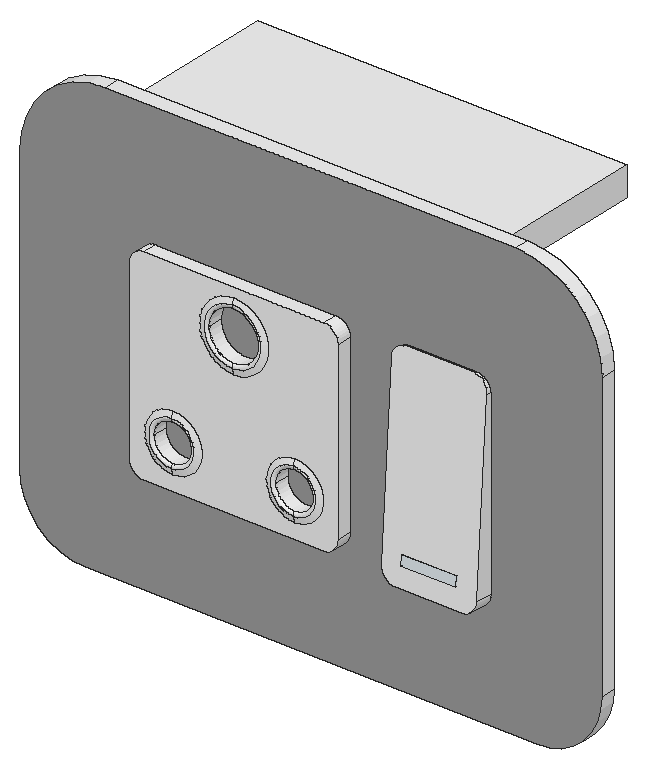
Revit family "EF_Veti-4x2-Single-Power-Point", category Electrical Fixtures, Revit 2016
Family settings
  Maintain Annotation Orientation = No
  Part Type = Normal
  Round Connector Dimension = Use Diameter
  Work Plane-Based = No
  Always vertical = Yes
  Cut with Voids When Loaded = No
  Shared = No
  Room Calculation Point = No
Parameters (values of type "4x2 Single Power Point")
  Voltage_x = 220 V
  URL for TCP = "http://www.tcpbim.co.za"
  URL = "http://www.major-tech.com/15-veti"
  Type Comments = "Plug Point"
  Switch Voltage = Voltage_x  # 220 V
  Plug Point Height [instance] = 450 mm
  Materials [instance] = 0 mm
  Manufacturer = "VETI"
  Made by = "Tolani Civil Projects cc"
  Load = 2860 VA
  Description = "2x4 Single Power Point"
  Amperage = 16 A
Reference planes
  plane 1 "Center (Front/Back)": y = 0
  plane 2: z = 0
  plane 3 "Center (Left/Right)": x = 0
Forms (mm)
  Extrusion 1, solid, material "Plastic White"
    sketch origin (-181.105, 75, 5) x (1, 0, 0) y (0, 0, 1)
      loop
        arc (110.717, 595) -> (89.775, 586.325) -> (81.1, 565.383) r 29.617
        line (81.1, 565.383) -> (81.1, 467.5)
        arc (81.1, 467.5) -> (87.69, 451.59) -> (103.6, 445) r 22.5
        line (103.6, 445) -> (258.605, 445)
        arc (258.605, 445) -> (274.515, 451.59) -> (281.105, 467.5) r 22.5
        line (281.105, 467.5) -> (281.105, 565.383)
        arc (281.105, 565.383) -> (272.431, 586.325) -> (251.488, 595) r 29.617
        line (251.488, 595) -> (110.717, 595)
    from 75 to 80
  Extrusion 2, solid, material "Plastic White"
    sketch origin (-181.105, 0, 5) x (-1, 0, 0) y (0, 0, 1)
      loop
        line (-244.439, 593.405) -> (-244.439, 583.405) -> (-117.767, 583.405) -> (-117.767, 593.405) -> (-244.439, 593.405)
    from 0 to 51.204
Cuts and joins
  joined: Extrusion 1, Extrusion 2
Dimensions and locks
  Extrusion 1 sketch curve to Extrusion 1 sketch curve = 150 mm
  Extrusion 2 sketch curve to Extrusion 2 sketch curve to Extrusion 1 = 10 mm, 1.595 mm
  Extrusion 2 sketch curve to Extrusion 2 sketch curve = 126.672 mm
  cut or joined group of Extrusion 1, Extrusion 2 to nested 3 to cut or joined group of Extrusion 1, Extrusion 2 = 114.834 mm locked, 35.166 mm
  cut or joined group of Extrusion 1, Extrusion 2 to cut or joined group of Extrusion 1, Extrusion 2 to cut or joined group of Extrusion 1, Extrusion 2 to nested 2 to cut or joined group of Extrusion 1, Extrusion 2 = 1.595 mm locked, 10 mm, 30.88 mm, 107.524 mm locked
  cut or joined group of Extrusion 1, Extrusion 2 to cut or joined group of Extrusion 1, Extrusion 2 to cut or joined group of Extrusion 1, Extrusion 2 = 51.204 mm locked, 5 mm locked
  cut or joined group of Extrusion 1, Extrusion 2 to cut or joined group of Extrusion 1, Extrusion 2 = 126.672 mm
  locked: cut or joined group of Extrusion 1, Extrusion 2 to plane 1 "Center (Front/Back)"
  plane 3 "Center (Left/Right)" to Extrusion 1 sketch curve = 100.005 mm
  cut or joined group of Extrusion 1, Extrusion 2 to nested 2 to cut or joined group of Extrusion 1, Extrusion 2 = 42.476 mm, 107.524 mm
  plane 3 "Center (Left/Right)" to nested 2 to nested 3 = 13.362 mm locked, 48.122 mm locked
  "Plug Point Height": cut or joined group of Extrusion 1, Extrusion 2 to level
  equal spacing: Extrusion 1 sketch curve, nested 2, Extrusion 1 sketch curve
  aligned and locked: level to plane 2
  aligned and locked: nested 1 to plane 1 "Center (Front/Back)"
  aligned and locked: cut or joined group of Extrusion 1, Extrusion 2 to nested 3
  aligned and locked: cut or joined group of Extrusion 1, Extrusion 2 to nested 2
Automatic sketch dimensions
  Extrusion 1 sketch curve to Extrusion 1 sketch curve = 22.5 mm  (x2)
  Extrusion 1 sketch curve to Extrusion 1 sketch curve = 29.617 mm
  plane 3 "Center (Left/Right)" to Extrusion 1 sketch curve = 70.383 mm
  plane 3 "Center (Left/Right)" to Extrusion 1 sketch curve = 77.5 mm
  level to Extrusion 1 sketch curve = 450 mm
  Extrusion 2 sketch curve to Extrusion 1 = 36.667 mm  (x2)
Nested families
  nested 1: "Power Point Test 1" at (0, 0, 0) x (-1, 0, 0) z (0, 0, 1), type "Receptacle Symbol"
  nested 2: "Plug Plate" at (-22.505, -5, -557.935), type "Plug Plate"
  nested 3: "Switch" at (44.995, -5, -614.777), type "Switch"
Connectors
  electrical at (-0.002, 25.602, 598.405), driven by "Voltage_x", driven by "Load"
    settings: on cut or joined group of Extrusion 1, Extrusion 2, index 2, voltage 220 V, apparent load 0 VA, apparent load phase1 2860 VA, apparent load phase2 0 VA, apparent load phase3 0 VA, power factor 1, load classification "Other", number of poles 1, system type 31, power factor state 1, is connector primary yes, connector utility no, sub classification motor no, connector description ""
Definition of nested family "Plug Plate"
  Reference planes
    plane 1 "Center (Front/Back)": y = 0
    plane 2: z = 0
    plane 3 "Center (Left/Right)": x = 0
    plane 4: x = 0
    plane 5: z = 1100.459
    plane 6: x = 20.867
    plane 7: x = -20.897
    plane 8: z = 1060.329
    plane 9: x = -35.867
    plane 10: x = 35.867
    plane 11 "Left": x = -20.897
    plane 12 "Right": x = 20.867
    plane 13: z = 1060.329
    plane 14: z = 1100.459
  Forms (mm)
    Extrusion 1, solid
      sketch origin (38.868, 0, -0.675) x (1, 0, 0) y (0, 0, 1)
        loop
          arc (-69.734, 1116.134) -> (-73.27, 1114.67) -> (-74.734, 1111.134) r 5
          line (-74.734, 1111.134) -> (-74.734, 1051.004)
          arc (-74.734, 1051.004) -> (-73.27, 1047.468) -> (-69.734, 1046.004) r 5
          line (-69.734, 1046.004) -> (-8.001, 1046.004)
          arc (-8.001, 1046.004) -> (-4.465, 1047.468) -> (-3.001, 1051.004) r 5
          line (-3.001, 1051.004) -> (-3.001, 1111.134)
          arc (-3.001, 1111.134) -> (-4.465, 1114.67) -> (-8.001, 1116.134) r 5
          line (-8.001, 1116.134) -> (-69.734, 1116.134)
        loop
          circle (-38.868, 1101.134) r 8.5
        loop
          circle (-59.764, 1061.004) r 6.5
        loop
          circle (-18.001, 1061.004) r 6.5
      from 5 to 0
    Revolve 2, solid
      sketch origin (-20.897, 0, 0) x (0, 0, -1) y (0, -1, 0)
        loop
          line (-1068.072, 5.593) -> (-1070.253, 4.968) -> (-1066.828, 4.968)
          arc (-1066.828, 4.968) -> (-1067.328, 5.524) -> (-1068.072, 5.593) r 1.027
        axis (-1060.329, 5.593) -> (-1060.329, 4.593)
      angle from 0 to 360
    Revolve 3, solid
      sketch origin (20.867, 0, 0) x (0, 0, -1) y (0, -1, 0)
        loop
          line (-1068.072, 5.593) -> (-1070.253, 4.968) -> (-1066.828, 4.968)
          arc (-1066.828, 4.968) -> (-1067.328, 5.524) -> (-1068.072, 5.593) r 1.027
        axis (-1060.329, 5.593) -> (-1060.329, 4.593)
      angle from 0 to 360
    Revolve 4, solid
      sketch origin (0, 0, 40.13) x (0, 0, -1) y (0, -1, 0)
        loop
          line (-1070.06, 5.593) -> (-1072.241, 4.968) -> (-1068.816, 4.968)
          arc (-1068.816, 4.968) -> (-1069.316, 5.524) -> (-1070.06, 5.593) r 1.027
        axis (-1060.329, 5.593) -> (-1060.329, 4.593)
      angle from 0 to 360
  Cuts and joins
    joined: Extrusion 1, Revolve 2, Revolve 3, Revolve 4
  Dimensions and locks
    aligned and locked: plane 2 to level
Definition of nested family "Switch"
  Reference planes
    plane 1 "Center (Front/Back)": y = 0
    plane 2: z = 0
    plane 3 "Center (Left/Right)": x = 0
  Forms (mm)
    Extrusion 1, solid
      sketch origin (-1136.147, 2.783, 1137.576) x (0, -0.069756, -0.997564) y (1, 0, 0)
        loop
          arc (-29.234, 1152.636) -> (-32.77, 1151.171) -> (-34.234, 1147.636) r 5
          line (-34.234, 1147.636) -> (-34.234, 1124.86)
          arc (-34.234, 1124.86) -> (-32.77, 1121.324) -> (-29.234, 1119.86) r 5
          line (-29.234, 1119.86) -> (32.741, 1119.86)
          arc (32.741, 1119.86) -> (36.277, 1121.324) -> (37.741, 1124.86) r 5
          line (37.741, 1124.86) -> (37.741, 1147.636)
          arc (37.741, 1147.636) -> (36.277, 1151.171) -> (32.741, 1152.636) r 5
          line (32.741, 1152.636) -> (-29.234, 1152.636)
      from 6.186 to 0.245
    Extrusion 2, solid
      sketch origin (-1135.95, -0.005, 1136.013) x (0, -0.069756, -0.997564) y (1, 0, 0)
        loop
          line (28.988, 1145.439) -> (25.488, 1145.439) -> (25.488, 1126.663) -> (28.988, 1126.663) -> (28.988, 1145.439)
      from 0 to 3.974
  Dimensions and locks
    aligned and locked: plane 2 to level
Definition of nested family "Power Point Test 1"
  Parameters
    Plug Point Height = 1200 mm
  Reference planes
    plane 1: y = 0
    plane 2: x = 0
  Lines and regions (mm)
    Filled region 1, type "Filled region 1"
      outline origin (0, 0, 0) x (1, 0, 0) y (0, 1, 0)
        loop
          arc (1.505, 0.736) -> (1.065, 1.797) -> (0.005, 2.236) r 1.5
          line (0.005, 2.236) -> (0.005, 0.736) -> (1.505, 0.736)
    detail lines
      curve 1: line (-0.442, -0.034, 0) -> (-0.442, 0.736, 0)
      curve 2: arc (1.505, 0.736, 0) -> (0.005, 2.236, 0) -> (-1.495, 0.736, 0) r 1.5
      curve 3: line (0.451, -0.034, 0) -> (0.451, 0.736, 0)
      curve 4: line (-1.495, 0.736, 0) -> (1.505, 0.736, 0)
      curve 5: line (0.005, 0.736, 0) -> (0.005, 2.236, 0)
      curve 6: line (-1.056, 1.797, 0) -> (-1.914, 2.655, 0)
      curve 7: line (-1.914, 2.655, 0) -> (-1.207, 3.362, 0)
  Text (mm)
    label "A" at (-0.236, 3.916, 0), shows "Plug Point Height"
    text "S" at (-0.92, 1.91, 0)
  Dimensions and locks
    curve 1 to curve 3 = 0.893 mm
